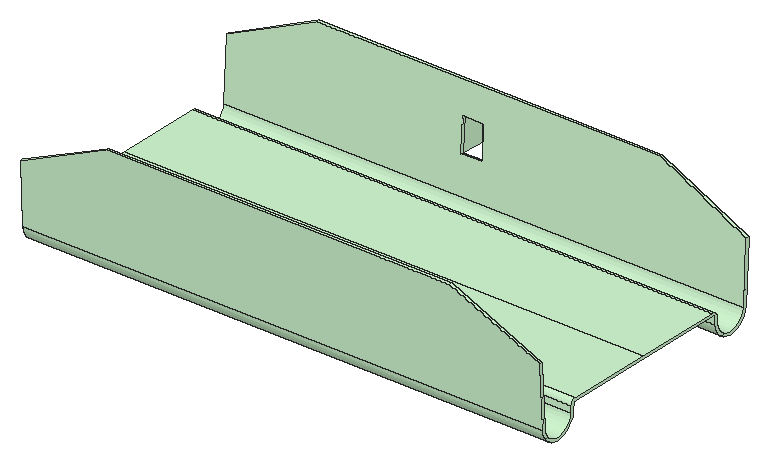
Revit family "channeljoint_25w0-8", category 機械設備, Revit 2022
Family settings
  丸型コネクタ寸法 = 直径を使用
  種別 = なし
  パーツ タイプ = 標準
  作業面ベース = いいえ
  常に垂直 = はい
  ロード時にボイドで切り取り = いいえ
  注釈の向きを維持 = いいえ
  共有 = いいえ
  部屋計算ポイント = いいえ
Parameters
  製造元 = "株式会社桐井製作所"
  既定の高さ = 0 mm
  URL = "https://www.kirii.co.jp/"
  K_品名 = "25型Wバー(0.8)ジョイント"
  K_名称 = "特殊ジョイント"
  K_入数 = "200"
  K_バージョン情報 = "20100714"
Reference planes
  plane 1 "中心(正面/背面)": y = 0
  plane 2: z = 0
  plane 3 "中心(左/右)": x = 0
Forms (mm)
  Extrusion 1, solid
    sketch origin (-6.5, 0, 0.177) x (0, 1, 0) y (0, 0, 1)
      loop
        line (-24.995, 22.818) -> (-25.527, 23.41) -> (-24.427, 3.096)
        arc (-24.427, 3.096) -> (-20.737, -0.177) -> (-17.088, 3.142) r 3.691
        line (-17.088, 3.142) -> (-17, 4.825) -> (17, 4.825) -> (17.088, 3.142)
        arc (17.088, 3.142) -> (20.737, -0.177) -> (24.427, 3.096) r 3.691
        line (24.427, 3.096) -> (25.527, 23.41) -> (24.995, 22.818) -> (23.929, 3.138)
        arc (23.929, 3.138) -> (20.739, 0.323) -> (17.587, 3.18) r 3.191
        line (17.587, 3.18) -> (17.524, 4.377)
        arc (17.524, 4.377) -> (17.214, 5.05) -> (16.526, 5.325) r 1
        line (16.526, 5.325) -> (0, 5.325) -> (-16.526, 5.325)
        arc (-16.526, 5.325) -> (-17.214, 5.05) -> (-17.524, 4.377) r 1
        line (-17.524, 4.377) -> (-17.587, 3.18)
        arc (-17.587, 3.18) -> (-20.739, 0.323) -> (-23.929, 3.138) r 3.191
        line (-23.929, 3.138) -> (-24.995, 22.818)
    from -43.5 to 56.5
  Extrusion 2, void
    sketch origin (-6.77, 14.725, 24.734) x (-1, 0, 0) y (0, 0.091008, 0.99585)
      loop
        line (-2.07, -6.857) -> (-6.27, -6.857) -> (-6.27, -13.382) -> (-2.07, -13.382) -> (-2.07, -6.857)
    from 10.436 to 11.498
  Extrusion 3, void
    sketch origin (-6.5, 0, 0.024) x (1, 0, 0) y (0, 0, 1)
      loop
        line (-43.5, 14.981) -> (-24.84, 23.75) -> (-43.5, 23.75) -> (-43.5, 14.981)
    from 24.482 to 25.658
  Extrusion 4, void
    sketch origin (-6.5, 0, 0.024) x (-1, 0, 0) y (0, 0, -1)
      loop
        line (-56.5, -14.981) -> (-56.5, -23.75) -> (-37.776, -23.75) -> (-56.5, -14.981)
    from 24.482 to 25.658
  Extrusion 5, void
    sketch origin (-6.5, 0, 0.024) x (-1, 0, 0) y (0, 0, 1)
      loop
        line (-56.5, 14.981) -> (-37.814, 23.732) -> (-56.5, 23.732) -> (-56.5, 14.981)
    from 24.447 to 25.726
  Extrusion 6, void
    sketch origin (-6.5, 1.237, -1.248) x (0, 0.99863, 0.052336) y (0, -0.052336, 0.99863)
      loop
        line (24.775, 22.953) -> (25.723, 22.904) -> (25.764, 23.688) -> (24.816, 23.737) -> (24.775, 22.953)
    from -26.5 to 39.5
  Extrusion 7, solid
    sketch origin (-4.7, 13.601, -0.682) x (0, -0.997137, -0.075613) y (0, 0.075613, -0.997137)
      loop
        line (-12.369, -16.715) -> (-11.527, -10.269) -> (-15.989, -9.687)
        arc (-15.989, -9.687) -> (-16.359, -9.786) -> (-16.55, -10.118) r 0.5
        line (-16.55, -10.118) -> (-17.262, -15.572)
        arc (-17.262, -15.572) -> (-17.162, -15.941) -> (-16.831, -16.132) r 0.5
        line (-16.831, -16.132) -> (-12.369, -16.715)
    from -0.5 to 0
  Extrusion 8, void
    sketch origin (6.5, 0, 0.024) x (1, 0, 0) y (0, 0, -1)
      loop
        line (-56.5, -14.981) -> (-56.5, -23.732) -> (-37.814, -23.732) -> (-56.5, -14.981)
    from 24.447 to 25.726
  Extrusion 9, void
    sketch origin (-6.5, -1.237, -1.248) x (0, -0.99863, 0.052336) y (0, -0.052336, -0.99863)
      loop
        line (24.775, -22.953) -> (24.816, -23.737) -> (25.764, -23.688) -> (25.723, -22.904) -> (24.775, -22.953)
    from -26.5 to 39.5
Cuts and joins
  Extrusion 2, Extrusion 3, Extrusion 4, Extrusion 5, Extrusion 6, Extrusion 8, Extrusion 9 cuts Extrusion 1
Dimensions and locks
  aligned and locked: level to plane 2
